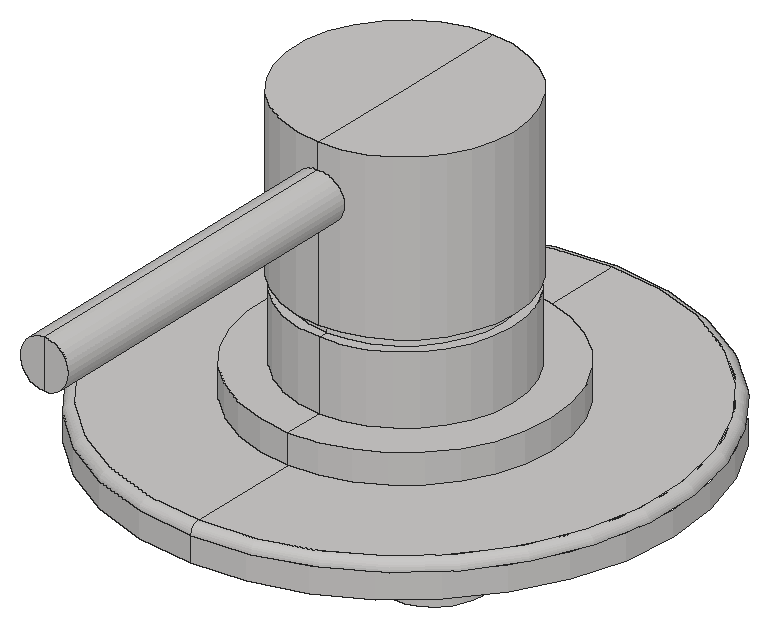
Revit family "Mixer-Bath Shower-Caroma Titan1", category Plumbing Fixtures, host Face, Revit 2013
Parameters (values of type "Standard")
  Waste Connection = no
  Vent Connection = no
  URL = "http://www.caroma.com.au"
  Type Comments = "35mm Cartridge"  # constant formula
  ModifiedIssue_ANZRS = 2013.2  # constant formula
  Model = "99001SS"  # constant formula
  Material_ANZRS = Metal-Stainless Steel-Caroma
  Manufacturer = "GWA Bathrooms & Kitchens"  # constant formula
  HWFU = 2
  HW Connection = yes
  Description = "Caroma Titan Bath Shower Mixer"  # constant formula
  Default Elevation = 900 mm
  CreatedBy_ANZRS = "Design Content"  # constant formula
  CreatedByURL_ANZRS = "www.designcontent.com.au"
  Cost = 271.82
  Connector Radius = 10 mm
  CWFU = 2
  CW Connection = yes
  Assembly Code = "C1030210"
Reference planes
  plane 1 "Center (Front/Back)": y = 0
  plane 2: z = 0
  plane 3 "Center (Left/Right)": x = 0
  plane 4 "Left": x = -54.99
  plane 5 "Right": x = 54.99
  plane 6 "Bottom": y = -54.99
  plane 7 "Top": y = 54.99
Forms (mm)
  Revolve 1, solid, material "Metal-Stainless Steel-Caroma" <- "Material_ANZRS"
    sketch origin (0, 0, 0) x (0, 1, 0) y (0, 0, 1)
      loop
        line (0, 7) -> (30.02, 7) -> (30.02, 13) -> (22.019, 13) -> (22.019, 27) -> (20.002, 27)
        arc (20.002, 27) -> (18.664, 32.264) -> (16.006, 37) r 20.769
        line (16.006, 37) -> (0, 37) -> (0, 7)
      axis (0, 37) -> (0, 7)
    angle from 0 to 360
  Revolve 2, solid, material "Metal-Stainless Steel-Caroma" <- "Material_ANZRS"
    sketch origin (0, 64.228, 20.869) x (0, 1, 0) y (0, 0, 1)
      loop
        line (-64.228, 42.131) -> (-86.689, 42.131) -> (-86.689, 8.631) -> (-64.228, 8.631) -> (-64.228, 42.131)
      axis (-64.228, 42.131) -> (-64.228, 8.631)
    angle from 0 to 360
  Revolve 3, solid, material "Metal-Stainless Steel-Caroma" <- "Material_ANZRS"
    sketch origin (0, 46.565, 60.54) x (0, 1, 0) y (0, 0, 1)
      loop
        line (-139.045, -2.569) -> (-139.045, -7.545) -> (-65.325, -7.545) -> (-65.325, -2.569) -> (-139.045, -2.569)
      axis (-139.045, -7.545) -> (-65.325, -7.545)
    angle from 0 to 360
  Revolve 4, solid, material "Metal-Stainless Steel-Caroma" <- "Material_ANZRS"
    sketch origin (0, 0, 0) x (0, 1, 0) y (0, 0, 1)
      loop
        line (0, 0) -> (54.99, 0) -> (54.99, 5)
        arc (54.99, 5) -> (54.404, 6.414) -> (52.99, 7) r 2
        line (52.99, 7) -> (0, 7) -> (0, 0)
      axis (0, 7) -> (0, 0)
    angle from 0 to 360
  Extrusion 5, solid, material "Metal-Stainless Steel-Caroma" <- "Material_ANZRS"
    sketch origin (21.651, 0, 0) x (1, 0, 0) y (0, 1, 0)
      loop
        circle (-10.825, -6.25) r 10
    from -20 to 0
  Extrusion 6, solid, material "Metal-Stainless Steel-Caroma" <- "Material_ANZRS"
    sketch origin (-21.651, 0, 0) x (-1, 0, 0) y (0, -1, 0)
      loop
        circle (-10.825, 6.25) r 10
    from -20 to 0
  Extrusion 7, solid, material "Metal-Stainless Steel-Caroma" <- "Material_ANZRS"
    sketch origin (-2.905, 33.204, 0) x (1, 0, 0) y (0, 1, 0)
      loop
        circle (2.905, -20.704) r 10
    from -20 to 0
Cuts and joins
  joined: Revolve 1, Revolve 2, Revolve 3
Lines and regions (mm)
  Masking region 1
    outline origin (0, 0, 0) x (0, 1, 0) y (0, 0, 1)
      loop
        line (-54.99, 0) -> (54.99, 0) -> (54.99, 5)
        arc (54.99, 5) -> (54.404, 6.414) -> (52.99, 7) r 2
        line (52.99, 7) -> (30.02, 7) -> (30.02, 13) -> (22.019, 13) -> (22.019, 27) -> (20.002, 27) -> (19.55, 29.5) -> (22.461, 29.5) -> (22.461, 63) -> (-22.461, 63) -> (-22.461, 57.971) -> (-92.48, 57.971) -> (-92.48, 48.02) -> (-22.461, 48.02) -> (-22.461, 29.5) -> (-19.55, 29.5) -> (-20.002, 27) -> (-22.019, 27) -> (-22.019, 13) -> (-30.02, 13) -> (-30.02, 7) -> (-52.99, 7)
        arc (-52.99, 7) -> (-54.404, 6.414) -> (-54.99, 5) r 2
        line (-54.99, 5) -> (-54.99, 0)
  Masking region 2
    outline origin (0, 0, 0) x (1, 0, 0) y (0, 1, 0)
      loop
        arc (4.976, -54.765) -> (54.934, 2.49) -> (0, 54.99) r 54.99
        arc (0, 54.99) -> (-54.934, 2.49) -> (-4.976, -54.765) r 54.99
        line (-4.976, -54.765) -> (-4.976, -92.48) -> (4.976, -92.48) -> (4.976, -54.765)
  Masking region 3
    outline origin (0, 0, 0) x (1, 0, 0) y (0, 0, 1)
      loop
        line (54.99, 0) -> (54.99, 5)
        arc (54.99, 5) -> (54.404, 6.414) -> (52.99, 7) r 2
        line (52.99, 7) -> (30.02, 7) -> (30.02, 13) -> (22.019, 13) -> (22.019, 27) -> (20.002, 27) -> (19.55, 29.5) -> (22.461, 29.5) -> (22.461, 63) -> (0, 63) -> (-22.461, 63) -> (-22.461, 29.5) -> (-19.55, 29.5) -> (-20.002, 27) -> (-22.019, 27) -> (-22.019, 13) -> (-30.02, 13) -> (-30.02, 7) -> (-52.99, 7)
        arc (-52.99, 7) -> (-54.404, 6.414) -> (-54.99, 5) r 2
        line (-54.99, 5) -> (-54.99, 0) -> (54.99, 0)
  symbolic lines
    curve 1: line (0, -22.461, 48.02) -> (0, -22.461, 57.971)
    curve 2: line (0, -22.461, 29.5) -> (0, 22.461, 29.5)
    curve 3: line (0, 22.019, 27) -> (0, -22.019, 27)
    curve 4: line (0, 30.02, 13) -> (0, -30.02, 13)
    curve 5: line (0, 30.02, 7) -> (0, -30.02, 7)
    curve 6: arc (4.976, -29.605, 0) -> (29.916, 2.496, 0) -> (0, 30.02, 0) r 30.02
    curve 7: arc (0, 30.02, 0) -> (-29.916, 2.496, 0) -> (-4.976, -29.605, 0) r 30.02
    curve 8: arc (0, -22.461, 0) -> (-22.461, 0, 0) -> (0, 22.461, 0) r 22.461
    curve 9: arc (0, 22.461, 0) -> (22.461, 0, 0) -> (0, -22.461, 0) r 22.461
    curve 10: line (-4.976, -92.48, 0) -> (-4.976, -21.903, 0)
    curve 11: line (4.976, -92.48, 0) -> (4.976, -21.903, 0)
    curve 12: line (30.02, 0, 13) -> (-10.752, 0, 13)
    curve 13: line (-10.752, 0, 13) -> (-30.02, 0, 13)
    curve 14: line (-10.752, 0, 27) -> (-22.019, 0, 27)
    curve 15: line (22.019, 0, 27) -> (-10.752, 0, 27)
    curve 16: line (10.752, 0, 29.5) -> (22.461, 0, 29.5)
    curve 17: line (-22.461, 0, 29.5) -> (10.752, 0, 29.5)
    curve 18: line (30.02, 0, 7) -> (-30.02, 0, 7)
Dimensions and locks
  aligned and locked: plane 2 to host face
  aligned and locked: level to host face
Connectors
  piping at (10.825, -6.25, -20), driven by "Connector Radius", driven by "CWFU"
    settings: on Extrusion 5, index 6, connector radius 0.3937", flow factor 0, pipe flow 0 GPM, pressure drop 0.00 psi, fitting loss kfactor 0, connector angle 0.00°, fixture units 2, engagement length 0 mm, flow configuration 3, flow direction 1, fitting loss method 1, system type 20, joint type 0, gender type 0, connector reference index -1, connector utility 0, adjustable connector no, is connector primary yes, fitting loss table "Inward Projecting Pipe", connector description "Cold Inlet"
  piping at (-10.825, -6.25, -20), driven by "Connector Radius", driven by "HWFU"
    settings: on Extrusion 6, index 7, connector radius 0.3937", flow factor 0, pipe flow 0 GPM, pressure drop 0.00 psi, fitting loss kfactor 0, connector angle 0.00°, fixture units 2, engagement length 0 mm, flow configuration 3, flow direction 1, fitting loss method 1, system type 19, joint type 0, gender type 0, connector reference index 8, connector utility 0, adjustable connector no, is connector primary no, fitting loss table "Inward Projecting Pipe", connector description "Hot Inlet"
  piping at (0, 12.5, -20), driven by "Connector Radius", driven by "HWFU"
    settings: on Extrusion 7, index 8, connector radius 0.3937", flow factor 0, pipe flow 0 GPM, pressure drop 0.00 psi, fitting loss kfactor 0, connector angle 0.00°, fixture units 2, engagement length 0 mm, flow configuration 3, flow direction 2, fitting loss method 1, system type 19, joint type 0, gender type 0, connector reference index 7, connector utility 0, adjustable connector no, is connector primary no, fitting loss table "Outlet", connector description "Temperate Outlet"
